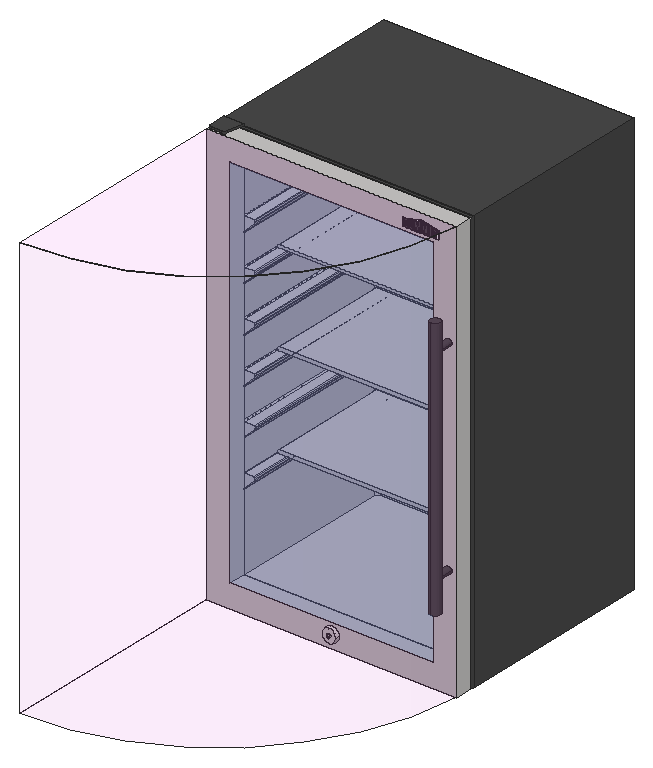
Revit family "Qf_Summit_SPR488BOS_Shallow_Depth_Indoor_Outdoor_Beverage_Cooler", category Specialty Equipment, Revit 2020
Family settings
  Round Connector Dimension = Use Diameter
  Part Type = Normal
  Work Plane-Based = No
  Always vertical = Yes
  Cut with Voids When Loaded = No
  Shared = No
  Room Calculation Point = No
Parameters
  Weight in Pounds = 70
  Watts = if(Phase = 3, Volts * FL Amps * 1.73, Volts * FL Amps)  # 149.5 W
  Volts = 115 V
  URL Cutsheet = ""
  Specification by User = ""
  Specification by Manufacturer = ""
  Show Left Hinged Door [instance] = yes
  Right Hinged Door [instance] = not(Show Left Hinged Door)  # no
  Serial Number = ""
  Seismic Rating = ""
  SMACNA No = ""
  Revision Code = ""
  Refrigerant Volume = 0.00 kip
  Refrigerant Type = "R600a"
  Phase = 1
  Number of Poles = 1
  NAFEM Spec ID Number = ""
  Model = "SPR488BOS"
  Min Ckt Ampacity = 0 A
  Max Overcurrent Protection = 0 A
  Masterspec = ""
  Manufacturer = "Summit"
  Length = 19"
  Item Number = ""
  Installed By = ""
  Identify Quantity as Lot = yes
  Height = 33"
  HP = ""
  Furnished By = ""
  Foodservice Equipment Identifier = yes
  FL Amps = 1.3 A
  Electrical Remarks = ""
  Electric Connection Type = ""
  Elec Conn RI Height = 0"
  Elec Conn Connection Height = 0"
  Description = "Shallow Depth Indoor/Outdoor Beverage Cooler"
  Depth = 17"
  Default Elevation = 0"
  Cycle = 60 Hz
  Conn Plug = ""
  Conn Conduit = yes
  CSI MasterFormat = ""
  Apparent Power = if(Phase = 3, Volts * FL Amps * 1.73, Volts * FL Amps)  # 149.5 VA
Reference planes (in)
  plane 1: z = 0
  plane 2 "LEFT": x = 0
  plane 3 "RIGHT": x = 19
  plane 4 "FRONT": y = -17.75
  plane 5 "TOP": z = 33
  plane 6 "Center Y": x = 9.5
  plane 7 "Center X": y = -9.25
  plane 8 "BACK": y = -0.75
  plane 9: y = -19.375
  plane 10: y = -16.125
  plane 11: y = -16.41209
  plane 12: z = 0.75
  plane 13: y = -0.9375
  plane 14: y = -35.49996
  plane 15: z = 32.875
  plane 16: z = 1.5
Forms (in)
  Extrusion 1, solid, material "QF_Metal_Stainless_Polished"
    sketch origin (22.25, -2.96287, 24.25) x (0, 1, 0) y (-1, 0, 0)
      loop
        line (2.02537, 22.25) -> (-13.16213, 22.25) -> (-13.16213, 3.25) -> (2.02537, 3.25) -> (2.02537, 22.25)
    from -23.5 to 8.625
  Extrusion 2, solid, material "QF_Plastic - Black - Matte"
    sketch origin (22.25, -2.96287, 24.25) x (0, 1, 0) y (-1, 0, 0)
      loop
        line (-13.16213, 22.25) -> (-13.44922, 22.25) -> (-13.44922, 3.25) -> (-13.16213, 3.25) -> (-13.16213, 22.25)
    from -23.5 to 8.625
  Extrusion 3, solid, material "QF_Plastic - Black - Matte", visible <- "Right Hinged Door"
    sketch origin (22.25, -2.96287, 24.25) x (0, 1, 0) y (-1, 0, 0)
      loop
        line (-13.16213, 4.75) -> (-14.45256, 4.53435)
        arc (-14.45256, 4.53435) -> (-14.60267, 4.44949) -> (-14.66213, 4.28764) r 0.25
        line (-14.66213, 4.28764) -> (-14.66213, 3.5)
        arc (-14.66213, 3.5) -> (-14.58891, 3.32322) -> (-14.41213, 3.25) r 0.25
        line (-14.41213, 3.25) -> (-13.16213, 3.25) -> (-13.16213, 4.75)
    from 8.625 to 8.75
  Extrusion 4, solid
    sketch origin (22.25, -2.96287, 24.25) x (0, 1, 0) y (-1, 0, 0)
      loop
        line (2.02537, 3.375) -> (2.11287, 3.375)
        arc (2.11287, 3.375) -> (2.18358, 3.40429) -> (2.21287, 3.475) r 0.1
        line (2.21287, 3.475) -> (2.21287, 21.9)
        arc (2.21287, 21.9) -> (2.18358, 21.97071) -> (2.11287, 22) r 0.1
        line (2.11287, 22) -> (2.02537, 22) -> (2.02537, 3.375)
    from -21.75 to 8.30954
  Extrusion 5, void
    sketch origin (22.25, -2.96287, 24.25) x (0, 1, 0) y (-1, 0, 0)
      loop
        line (-13.44922, 4.75) -> (-0.79805, 4.75)
        arc (-0.79805, 4.75) -> (-0.62127, 4.82322) -> (-0.54805, 5) r 0.25
        line (-0.54805, 5) -> (-0.54805, 20.5)
        arc (-0.54805, 20.5) -> (-0.62127, 20.67678) -> (-0.79805, 20.75) r 0.25
        line (-0.79805, 20.75) -> (-13.44922, 20.75) -> (-13.44922, 4.75)
    from -22 to 7
  Extrusion 6, solid, material "QF_Metal_Stainless_Polished"
    sketch origin (-74.8943, -16.41209, 32) x (1, 0, 0) y (0, 0, 1)
      loop
        line (74.8943, 0.875) -> (74.8943, -31.25) -> (93.8943, -31.25) -> (93.8943, 0.875) -> (74.8943, 0.875)
      loop
        line (76.6443, -0.75) -> (76.6443, -29.5) -> (92.1443, -29.5) -> (92.1443, -0.75) -> (76.6443, -0.75)
    from 0 to 1.33791
  Extrusion 7, solid, material "Glass"
    sketch origin (-74.8943, -16.41209, 32) x (1, 0, 0) y (0, 0, 1)
      loop
        line (76.6443, -29.5) -> (92.1443, -29.5) -> (92.1443, -0.75) -> (76.6443, -0.75) -> (76.6443, -29.5)
    from 0 to 1.33791
  Extrusion 8, solid, material "QF_Plastic - Black - Matte", visible <- "Right Hinged Door"
    sketch origin (22.24917, -2.96287, 24.5) x (0, 1, 0) y (-1, 0, 0)
      loop
        circle (-16.03713, 21.625) r 0.375
    from -17.625 to 2.25
  Extrusion 9, solid, material "QF_Plastic - Black - Matte", visible <- "Right Hinged Door"
    sketch origin (0.06167, -20.49491, 32.25) x (1, 0, 0) y (0, 0, 1)
      loop
        circle (0.56167, -7.5) r 0.25
      loop
        circle (0.56167, -23) r 0.25
    from -1.55741 to -2.74491
  Blend 10, solid, material "QF_Metal_Stainless_Polished"
    base sketch origin (-74.8943, -17.75, 32.25) x (1, 0, 0) y (0, 0, 1)
      loop
        circle (84.3943, -30.5) r 0.5625
    top sketch origin (-74.8943, -17.75, 32.25) x (1, 0, 0) y (0, 0, 1)
      loop
        circle (84.3943, -30.5) r 0.5
    from 0 to 0.25369
  Extrusion 11, void
    sketch origin (-74.8943, -18.00369, 32.25) x (-1, 0, 0) y (0, 0, 1)
      loop
        circle (-84.3943, -30.5) r 0.1875
      loop
        circle (-84.3943, -30.5) r 0.0625
    from 0 to 0.25369
  Extrusion 12, solid, material "QF_Metal_Stainless_Polished"
    sketch origin (-74.8943, -18.00369, 32.25) x (1, 0, 0) y (0, 0, 1)
      loop
        arc (91.51513, -9.18489) -> (91.52465, -9.23273) -> (91.55174, -9.27328) r 0.125
        line (91.55174, -9.27328) -> (92.35352, -10.07506)
        arc (92.35352, -10.07506) -> (92.38062, -10.11561) -> (92.39013, -10.16344) r 0.125
        line (92.39013, -10.16344) -> (92.39013, -8.9375)
        arc (92.39013, -8.9375) -> (92.37182, -8.98169) -> (92.32763, -9) r 0.0625
        line (92.32763, -9) -> (91.57763, -9)
        arc (91.57763, -9) -> (91.53344, -9.01831) -> (91.51513, -9.0625) r 0.0625
        line (91.51513, -9.0625) -> (91.51513, -9.18489)
      loop
        arc (91.51096, -12.68489) -> (91.52048, -12.73273) -> (91.54758, -12.77328) r 0.125
        line (91.54758, -12.77328) -> (92.34935, -13.57506)
        arc (92.34935, -13.57506) -> (92.37645, -13.61561) -> (92.38596, -13.66344) r 0.125
        line (92.38596, -13.66344) -> (92.38596, -12.4375)
        arc (92.38596, -12.4375) -> (92.36766, -12.48169) -> (92.32346, -12.5) r 0.0625
        line (92.32346, -12.5) -> (91.57346, -12.5)
        arc (91.57346, -12.5) -> (91.52927, -12.51831) -> (91.51096, -12.5625) r 0.0625
        line (91.51096, -12.5625) -> (91.51096, -12.68489)
      loop
        arc (91.51096, -16.18489) -> (91.52048, -16.23273) -> (91.54758, -16.27328) r 0.125
        line (91.54758, -16.27328) -> (92.34935, -17.07506)
        arc (92.34935, -17.07506) -> (92.37645, -17.11561) -> (92.38596, -17.16344) r 0.125
        line (92.38596, -17.16344) -> (92.38596, -15.9375)
        arc (92.38596, -15.9375) -> (92.36766, -15.98169) -> (92.32346, -16) r 0.0625
        line (92.32346, -16) -> (91.57346, -16)
        arc (91.57346, -16) -> (91.52927, -16.01831) -> (91.51096, -16.0625) r 0.0625
        line (91.51096, -16.0625) -> (91.51096, -16.18489)
      loop
        arc (91.5068, -19.68489) -> (91.51631, -19.73273) -> (91.54341, -19.77328) r 0.125
        line (91.54341, -19.77328) -> (92.34519, -20.57506)
        arc (92.34519, -20.57506) -> (92.37228, -20.61561) -> (92.3818, -20.66344) r 0.125
        line (92.3818, -20.66344) -> (92.3818, -19.4375)
        arc (92.3818, -19.4375) -> (92.36349, -19.48169) -> (92.3193, -19.5) r 0.0625
        line (92.3193, -19.5) -> (91.5693, -19.5)
        arc (91.5693, -19.5) -> (91.5251, -19.51831) -> (91.5068, -19.5625) r 0.0625
        line (91.5068, -19.5625) -> (91.5068, -19.68489)
      loop
        arc (91.52324, -23.18489) -> (91.53275, -23.23273) -> (91.55985, -23.27328) r 0.125
        line (91.55985, -23.27328) -> (92.36162, -24.07506)
        arc (92.36162, -24.07506) -> (92.38872, -24.11561) -> (92.39824, -24.16344) r 0.125
        line (92.39824, -24.16344) -> (92.39824, -22.9375)
        arc (92.39824, -22.9375) -> (92.37993, -22.98169) -> (92.33574, -23) r 0.0625
        line (92.33574, -23) -> (91.58574, -23)
        arc (91.58574, -23) -> (91.54154, -23.01831) -> (91.52324, -23.0625) r 0.0625
        line (91.52324, -23.0625) -> (91.52324, -23.18489)
      loop
        arc (91.51513, -5.68489) -> (91.52465, -5.73273) -> (91.55174, -5.77328) r 0.125
        line (91.55174, -5.77328) -> (92.35352, -6.57506)
        arc (92.35352, -6.57506) -> (92.38062, -6.61561) -> (92.39013, -6.66344) r 0.125
        line (92.39013, -6.66344) -> (92.39013, -5.4375)
        arc (92.39013, -5.4375) -> (92.37182, -5.48169) -> (92.32763, -5.5) r 0.0625
        line (92.32763, -5.5) -> (91.57763, -5.5)
        arc (91.57763, -5.5) -> (91.53344, -5.51831) -> (91.51513, -5.5625) r 0.0625
        line (91.51513, -5.5625) -> (91.51513, -5.68489)
      loop
        line (77.27346, -9.18489) -> (77.27346, -9.0625)
        arc (77.27346, -9.0625) -> (77.25516, -9.01831) -> (77.21096, -9) r 0.0625
        line (77.21096, -9) -> (76.46096, -9)
        arc (76.46096, -9) -> (76.41677, -8.98169) -> (76.39846, -8.9375) r 0.0625
        line (76.39846, -8.9375) -> (76.39846, -10.16344)
        arc (76.39846, -10.16344) -> (76.40798, -10.11561) -> (76.43508, -10.07506) r 0.125
        line (76.43508, -10.07506) -> (77.23685, -9.27328)
        arc (77.23685, -9.27328) -> (77.26395, -9.23273) -> (77.27346, -9.18489) r 0.125
      loop
        line (77.27763, -12.68489) -> (77.27763, -12.5625)
        arc (77.27763, -12.5625) -> (77.25932, -12.51831) -> (77.21513, -12.5) r 0.0625
        line (77.21513, -12.5) -> (76.46513, -12.5)
        arc (76.46513, -12.5) -> (76.42094, -12.48169) -> (76.40263, -12.4375) r 0.0625
        line (76.40263, -12.4375) -> (76.40263, -13.66344)
        arc (76.40263, -13.66344) -> (76.41215, -13.61561) -> (76.43924, -13.57506) r 0.125
        line (76.43924, -13.57506) -> (77.24102, -12.77328)
        arc (77.24102, -12.77328) -> (77.26812, -12.73273) -> (77.27763, -12.68489) r 0.125
      loop
        line (77.27763, -16.18489) -> (77.27763, -16.0625)
        arc (77.27763, -16.0625) -> (77.25932, -16.01831) -> (77.21513, -16) r 0.0625
        line (77.21513, -16) -> (76.46513, -16)
        arc (76.46513, -16) -> (76.42094, -15.98169) -> (76.40263, -15.9375) r 0.0625
        line (76.40263, -15.9375) -> (76.40263, -17.16344)
        arc (76.40263, -17.16344) -> (76.41215, -17.11561) -> (76.43924, -17.07506) r 0.125
        line (76.43924, -17.07506) -> (77.24102, -16.27328)
        arc (77.24102, -16.27328) -> (77.26812, -16.23273) -> (77.27763, -16.18489) r 0.125
      loop
        line (77.2818, -19.68489) -> (77.2818, -19.5625)
        arc (77.2818, -19.5625) -> (77.26349, -19.51831) -> (77.2193, -19.5) r 0.0625
        line (77.2193, -19.5) -> (76.4693, -19.5)
        arc (76.4693, -19.5) -> (76.4251, -19.48169) -> (76.4068, -19.4375) r 0.0625
        line (76.4068, -19.4375) -> (76.4068, -20.66344)
        arc (76.4068, -20.66344) -> (76.41631, -20.61561) -> (76.44341, -20.57506) r 0.125
        line (76.44341, -20.57506) -> (77.24519, -19.77328)
        arc (77.24519, -19.77328) -> (77.27228, -19.73273) -> (77.2818, -19.68489) r 0.125
      loop
        line (77.26536, -23.18489) -> (77.26536, -23.0625)
        arc (77.26536, -23.0625) -> (77.24705, -23.01831) -> (77.20286, -23) r 0.0625
        line (77.20286, -23) -> (76.45286, -23)
        arc (76.45286, -23) -> (76.40866, -22.98169) -> (76.39036, -22.9375) r 0.0625
        line (76.39036, -22.9375) -> (76.39036, -24.16344)
        arc (76.39036, -24.16344) -> (76.39987, -24.11561) -> (76.42697, -24.07506) r 0.125
        line (76.42697, -24.07506) -> (77.22875, -23.27328)
        arc (77.22875, -23.27328) -> (77.25584, -23.23273) -> (77.26536, -23.18489) r 0.125
      loop
        line (77.27346, -5.68489) -> (77.27346, -5.5625)
        arc (77.27346, -5.5625) -> (77.25516, -5.51831) -> (77.21096, -5.5) r 0.0625
        line (77.21096, -5.5) -> (76.46096, -5.5)
        arc (76.46096, -5.5) -> (76.41677, -5.48169) -> (76.39846, -5.4375) r 0.0625
        line (76.39846, -5.4375) -> (76.39846, -6.66344)
        arc (76.39846, -6.66344) -> (76.40798, -6.61561) -> (76.43508, -6.57506) r 0.125
        line (76.43508, -6.57506) -> (77.23685, -5.77328)
        arc (77.23685, -5.77328) -> (77.26395, -5.73273) -> (77.27346, -5.68489) r 0.125
    from -1.87869 to -14.50063
  Extrusion 13, solid
    sketch origin (23.88, 0, 0) x (0, 1, 0) y (0, 0, 1)
      loop
        line (-12.25, 30.25) -> (-7.10545, 29) -> (-3.50306, 29) -> (-3.50306, 31.25) -> (-12.25, 31.25) -> (-12.25, 30.25)
    from -19.63 to -9.13
  Revolve 14, solid, material "QF_Plastic - Black - Matte"
    sketch origin (93.8943, -14.85392, 32) x (-1, 0, 0) y (0, 0, -1)
      loop
        line (76.6443, 31.4375) -> (77.0193, 31.4375) -> (77.0193, 31.49948) -> (76.9568, 32) -> (76.4568, 32) -> (76.4568, 31.25) -> (76.6443, 31.25) -> (76.6443, 31.4375)
      axis (76.4568, 32) -> (76.4568, 31.25)
    angle from 0 to 360
  Revolve 15, solid, material "QF_Plastic - Black - Matte"
    sketch origin (93.8943, -2.04142, 32) x (-1, 0, 0) y (0, 0, -1)
      loop
        line (76.6443, 31.4375) -> (77.0193, 31.4375) -> (77.0193, 31.50081) -> (76.9568, 32) -> (76.4568, 32) -> (76.4568, 31.25) -> (76.6443, 31.25) -> (76.6443, 31.4375)
      axis (76.4568, 32) -> (76.4568, 31.25)
    angle from 0 to 360
  Extrusion 16, solid, material "QF_Metal_Stainless_Polished"
    sketch origin (-0.00209, -0.75, 0.00119) x (1, 0, 0) y (0, 0, 1)
      loop
        circle (16, 1.66109) r 0.25
    from 0.1875 to 0
  Extrusion 17, solid, material "QF_Clearances_Door_Drawer", visible <- "Right Hinged Door"
    sketch origin (0, 0, 0) x (1, 0, 0) y (0, 1, 0)
      loop
        arc (0.00402, -17.75) -> (5.99085, -30.38262) -> (19, -35.49996) r 19
        line (19, -35.49996) -> (19, -17.75) -> (0.00402, -17.75)
    from 0.75 to 32.875
  Revolve 18, solid, material "QF_Plastic - Black - Matte"
    sketch origin (-74.8943, -14.85392, 32) x (1, 0, 0) y (0, 0, 1)
      loop
        line (76.6443, -31.4375) -> (76.6443, -31.25) -> (76.4568, -31.25) -> (76.4568, -32) -> (76.9568, -32) -> (77.0193, -31.49948) -> (77.0193, -31.4375) -> (76.6443, -31.4375)
      axis (76.4568, -32) -> (76.4568, -31.25)
    angle from 0 to 360
  Revolve 19, solid, material "QF_Plastic - Black - Matte"
    sketch origin (-74.8943, -2.04142, 32) x (1, 0, 0) y (0, 0, 1)
      loop
        line (76.6443, -31.4375) -> (76.6443, -31.25) -> (76.4568, -31.25) -> (76.4568, -32) -> (76.9568, -32) -> (77.0193, -31.50081) -> (77.0193, -31.4375) -> (76.6443, -31.4375)
      axis (76.4568, -32) -> (76.4568, -31.25)
    angle from 0 to 360
  Extrusion 20, solid, material "QF_Metal_Stainless_Polished"
    sketch origin (0, -0.75, 0) x (1, 0, 0) y (0, 0, 1)
      loop
        arc (1.7482, 16.5) -> (1.6232, 16.375) -> (1.7482, 16.25) r 0.125
        line (1.7482, 16.25) -> (17.2554, 16.25)
        arc (17.2554, 16.25) -> (17.3804, 16.375) -> (17.2554, 16.5) r 0.125
        line (17.2554, 16.5) -> (1.7482, 16.5)
      loop
        arc (1.7464, 9.5) -> (1.6214, 9.375) -> (1.7464, 9.25) r 0.125
        line (1.7464, 9.25) -> (17.2536, 9.25)
        arc (17.2536, 9.25) -> (17.3786, 9.375) -> (17.2536, 9.5) r 0.125
        line (17.2536, 9.5) -> (1.7464, 9.5)
      loop
        arc (1.7482, 23.5) -> (1.6232, 23.375) -> (1.7482, 23.25) r 0.125
        line (1.7482, 23.25) -> (17.2554, 23.25)
        arc (17.2554, 23.25) -> (17.3804, 23.375) -> (17.2554, 23.5) r 0.125
        line (17.2554, 23.5) -> (1.7482, 23.5)
    from 2.98305 to 12.24611
  Revolve 21, solid, material "QF_Plastic - Black - Matte"
    sketch origin (0, -14.8125, 0) x (1, 0, 0) y (0, 0, 1)
      loop
        line (3.125, 0.25) -> (3.125, 0.75) -> (2.5, 0.75) -> (2.5, 0.25)
        arc (2.5, 0.25) -> (2.53299, 0.11025) -> (2.625, 0) r 0.3125
        line (2.625, 0) -> (2.8125, 0) -> (3, 0)
        arc (3, 0) -> (3.09201, 0.11025) -> (3.125, 0.25) r 0.3125
      axis (2.5, 0.75) -> (3.125, 0.75)
    angle from 0 to 360
  Revolve 22, solid, material "QF_Plastic - Black - Matte"
    sketch origin (19, -14.8125, 0) x (-1, 0, 0) y (0, 0, 1)
      loop
        line (3.125, 0.25) -> (3.125, 0.75) -> (2.5, 0.75) -> (2.5, 0.25)
        arc (2.5, 0.25) -> (2.53299, 0.11025) -> (2.625, 0) r 0.3125
        line (2.625, 0) -> (2.8125, 0) -> (3, 0)
        arc (3, 0) -> (3.09201, 0.11025) -> (3.125, 0.25) r 0.3125
      axis (2.5, 0.75) -> (3.125, 0.75)
    angle from 0 to 360
  Revolve 23, solid, material "QF_Plastic - Black - Matte"
    sketch origin (0, -2.0625, 0) x (1, 0, 0) y (0, 0, -1)
      loop
        arc (3.125, -0.25) -> (3.09201, -0.11025) -> (3, 0) r 0.3125
        line (3, 0) -> (2.8125, 0) -> (2.625, 0)
        arc (2.625, 0) -> (2.53299, -0.11025) -> (2.5, -0.25) r 0.3125
        line (2.5, -0.25) -> (2.5, -0.75) -> (3.125, -0.75) -> (3.125, -0.25)
      axis (2.5, -0.75) -> (3.125, -0.75)
    angle from 0 to 360
  Revolve 24, solid, material "QF_Plastic - Black - Matte"
    sketch origin (19, -2.0625, 0) x (-1, 0, 0) y (0, 0, 1)
      loop
        line (3.125, 0.25) -> (3.125, 0.75) -> (2.5, 0.75) -> (2.5, 0.25)
        arc (2.5, 0.25) -> (2.53299, 0.11025) -> (2.625, 0) r 0.3125
        line (2.625, 0) -> (2.8125, 0) -> (3, 0)
        arc (3, 0) -> (3.09201, 0.11025) -> (3.125, 0.25) r 0.3125
      axis (2.5, 0.75) -> (3.125, 0.75)
    angle from 0 to 360
  Extrusion 25, solid, material "QF_Plastic - Black - Matte", visible <- "Show Left Hinged Door"
    sketch origin (-3.25, -2.96287, 24.25) x (0, 1, 0) y (-1, 0, 0)
      loop
        line (-13.16213, -4.75) -> (-13.16213, -3.25) -> (-14.41213, -3.25)
        arc (-14.41213, -3.25) -> (-14.58891, -3.32322) -> (-14.66213, -3.5) r 0.25
        line (-14.66213, -3.5) -> (-14.66213, -4.28764)
        arc (-14.66213, -4.28764) -> (-14.60267, -4.44949) -> (-14.45256, -4.53435) r 0.25
        line (-14.45256, -4.53435) -> (-13.16213, -4.75)
    from 8.625 to 8.75
  Extrusion 26, solid, material "QF_Plastic - Black - Matte", visible <- "Show Left Hinged Door"
    sketch origin (-3.24917, -2.96287, 24.5) x (0, 1, 0) y (-1, 0, 0)
      loop
        circle (-16.03713, -21.625) r 0.375
    from -17.625 to 2.25
  Extrusion 27, solid, material "QF_Plastic - Black - Matte", visible <- "Show Left Hinged Door"
    sketch origin (18.93833, -20.49491, 32.25) x (-1, 0, 0) y (0, 0, -1)
      loop
        circle (0.56167, 7.5) r 0.25
      loop
        circle (0.56167, 23) r 0.25
    from -1.55741 to -2.74491
  Extrusion 28, solid, material "QF_Clearances_Door_Drawer", visible <- "Show Left Hinged Door"
    sketch origin (19, 0, 0) x (-1, 0, 0) y (0, -1, 0)
      loop
        line (0.00402, 17.75) -> (19, 17.75) -> (19, 35.49996)
        arc (19, 35.49996) -> (5.99085, 30.38262) -> (0.00402, 17.75) r 19
    from 0.75 to 32.875
Cuts and joins
  Extrusion 5 cuts Extrusion 1
  Extrusion 5 cuts Extrusion 2
  Extrusion 5 cuts Extrusion 6
  Extrusion 5 cuts Extrusion 7
  Extrusion 11 cuts Blend 10
  Extrusion 11 cuts Extrusion 17
Lines and regions (in)
  symbolic lines, style "QF_Clearances_Door_Drawer", visible <- "Right Hinged Door"
    curve 1: line (17.5, -16.125, 0) -> (17.71565, -17.41543, 0)
    curve 2: arc (17.71565, -17.41543, 0) -> (17.80051, -17.56554, 0) -> (17.96236, -17.625, 0) r 0.25
    curve 3: line (17.96236, -17.625, 0) -> (18.75, -17.625, 0)
    curve 4: arc (18.75, -17.625, 0) -> (18.92678, -17.55178, 0) -> (19, -17.375, 0) r 0.25
    curve 23: arc (0, -17.75, 0) -> (0.94083, -22.54672, 0) -> (3.07455, -26.94456, 0) r 18.9963
    curve 24: line (3.07455, -26.94456, 0) -> (19, -17.75, 0)
  symbolic lines, style "QF_Clearances_Door_Drawer"
    curve 5: line (19, -17.375, 0) -> (19, -16.125, 0)
    curve 6: line (19, -16.125, 0) -> (17.5, -16.125, 0)
  symbolic lines, style "SpecialityEquipment"
    curve 7: arc (0.35, -0.75, 0) -> (0.27929, -0.77929, 0) -> (0.25, -0.85, 0) r 0.1
    curve 8: line (0.25, -0.85, 0) -> (0.25, -0.9375, 0)
    curve 9: line (18.875, -0.9375, 0) -> (18.875, -0.85, 0)
    curve 10: arc (18.875, -0.85, 0) -> (18.84571, -0.77929, 0) -> (18.775, -0.75, 0) r 0.1
    curve 11: line (18.775, -0.75, 0) -> (0.35, -0.75, 0)
    curve 12: line (0, -0.9375, 0) -> (0, -16.41209, 0)
    curve 13: line (0, -16.125, 0) -> (19, -16.125, 0)
    curve 14: line (19, -16.125, 0) -> (19, -0.9375, 0)
    curve 15: line (19, -0.9375, 0) -> (0, -0.9375, 0)
  symbolic lines
    curve 16: line (0, -16.41209, 0) -> (0, -17.75, 0)
    curve 17: line (0, -17.75, 0) -> (19, -17.75, 0)
    curve 18: line (19, -17.75, 0) -> (19, -16.41209, 0)
    curve 19: line (17.54798, -16.41209, 0) -> (1.45202, -16.41209, 0)
  symbolic lines, visible <- "Right Hinged Door"
    curve 20: circle (0.625, -19, 0) r 0.375 normal (0, 0, 1)
    curve 21: line (0.8734, -17.75, 0) -> (0.8734, -18.71907, 0)
    curve 22: line (0.37399, -17.75, 0) -> (0.37399, -18.7214, 0)
    curve 34: line (1.45202, -16.41209, 0) -> (0, -16.41209, 0)
  symbolic lines, style "QF_Clearances_Door_Drawer", visible <- "Show Left Hinged Door"
    curve 25: line (1.5, -16.125, 0) -> (1.28435, -17.41543, 0)
    curve 26: arc (1.28435, -17.41543, 0) -> (1.19949, -17.56554, 0) -> (1.03764, -17.625, 0) r 0.25
    curve 27: line (1.03764, -17.625, 0) -> (0.25, -17.625, 0)
    curve 28: arc (0.25, -17.625, 0) -> (0.07322, -17.55178, 0) -> (0, -17.375, 0) r 0.25
    curve 32: arc (19, -17.75, 0) -> (18.05917, -22.54672, 0) -> (15.92545, -26.94456, 0) r 18.9963
    curve 33: line (15.92545, -26.94456, 0) -> (0, -17.75, 0)
  symbolic lines, visible <- "Show Left Hinged Door"
    curve 29: circle (18.375, -19, 0) r 0.375 normal (0, 0, -1)
    curve 30: line (18.1266, -17.75, 0) -> (18.1266, -18.71907, 0)
    curve 31: line (18.62601, -17.75, 0) -> (18.62601, -18.7214, 0)
    curve 35: line (17.54798, -16.41209, 0) -> (19, -16.41209, 0)
Dimensions and locks (in)
  equal spacing: plane 2 "LEFT", plane 6 "Center Y", plane 3 "RIGHT"
  "Length": plane 2 "LEFT" to plane 3 "RIGHT"
  equal spacing: plane 4 "FRONT", plane 7 "Center X", plane 8 "BACK"
  "Height": plane 5 "TOP" to level
  plane 3 "RIGHT" to plane 2 "LEFT" = 19"
  plane 5 "TOP" to level = 33"  (x2)
  "Depth": plane 4 "FRONT" to plane 8 "BACK"
  plane 12 to level = 3/4"
  plane 14 to plane 8 "BACK" = 34.74996"
  plane 10 to plane 8 "BACK" = 15 3/8"
  plane 9 to plane 4 "FRONT" = 1 5/8"
  Extrusion 8 to Extrusion 8 = 19 7/8"
  aligned and locked: level to plane 1
Automatic sketch dimensions
  Extrusion 1 sketch curve to plane 2 "LEFT" = 0"
  plane 10 to Extrusion 1 sketch curve = 0"
  plane 13 to Extrusion 1 sketch curve = 0"
  Extrusion 1 sketch curve to plane 3 "RIGHT" = 0"
  Extrusion 2 sketch curve to plane 2 "LEFT" = 0"
  plane 11 to Extrusion 2 sketch curve = 0"
  plane 10 to Extrusion 2 sketch curve = 0"
  Extrusion 2 sketch curve to plane 3 "RIGHT" = 0"
  Extrusion 3 sketch curve to plane 3 "RIGHT" = 0"
  plane 10 to Extrusion 3 sketch curve = 0"
  Extrusion 3 sketch curve to plane 4 "FRONT" = 3/8"  (x2)
  Extrusion 3 sketch curve to Extrusion 3 sketch curve = 0.04043"
  Extrusion 3 sketch curve to plane 4 "FRONT" = 1/8"
  Extrusion 3 sketch curve to Extrusion 3 sketch curve = 0.78764"
  Extrusion 3 sketch curve to Extrusion 3 sketch curve = 0.21565"
  plane 13 to Extrusion 4 sketch curve = 0"
  plane 8 "BACK" to Extrusion 4 sketch curve = 0"
  Extrusion 4 sketch curve to Extrusion 4 sketch curve = 0.0875"  (x2)
  plane 3 "RIGHT" to Extrusion 4 sketch curve = 1/8"
  plane 2 "LEFT" to Extrusion 4 sketch curve = 0.35"
  plane 11 to Extrusion 5 sketch curve = 0"
  plane 13 to Extrusion 5 sketch curve = 2.82342"  (x2)
  Extrusion 5 sketch curve to Extrusion 5 sketch curve = 1/4"
  plane 3 "RIGHT" to Extrusion 5 sketch curve = 1 1/2"
  plane 2 "LEFT" to Extrusion 5 sketch curve = 1 3/4"
  Extrusion 6 sketch curve to plane 2 "LEFT" = 0"
  plane 3 "RIGHT" to Extrusion 6 sketch curve = 0"
  Extrusion 6 sketch curve to plane 12 = 0"
  Extrusion 6 sketch curve to plane 15 = 0"
  plane 2 "LEFT" to Extrusion 6 sketch curve = 1 3/4"
  plane 3 "RIGHT" to Extrusion 6 sketch curve = 1 3/4"
  plane 16 to Extrusion 6 sketch curve = 1"
  Extrusion 6 sketch curve to plane 15 = 1 5/8"
  plane 2 "LEFT" to Extrusion 7 sketch curve = 1 3/4"
  plane 3 "RIGHT" to Extrusion 7 sketch curve = 1 3/4"
  plane 16 to Extrusion 7 sketch curve = 1"
  Extrusion 7 sketch curve to plane 15 = 1 5/8"
  Extrusion 8 sketch curve to plane 9 = 3/8"
  plane 2 "LEFT" to Extrusion 8 sketch curve = 0.62417"
  plane 2 "LEFT" to Extrusion 9 sketch curve = 0.62335"  (x2)
  plane 16 to Extrusion 9 sketch curve = 7 3/4"
  Extrusion 9 sketch curve to plane 15 = 8 1/8"
  Blend 10 sketch curve to Extrusion 6 = 3/4"  (x2)
  Extrusion 6 to Blend 10 sketch curve = 7 3/4"  (x2)
  Extrusion 12 sketch curve to Extrusion 12 sketch curve = 0.00811"
  Extrusion 12 sketch curve to Extrusion 12 sketch curve = 0"  (x16)
  Extrusion 12 sketch curve to Extrusion 12 sketch curve = 0.00417"  (x4)
  Extrusion 12 sketch curve to Extrusion 12 sketch curve = 0.01644"  (x2)
  Extrusion 12 sketch curve to Extrusion 12 sketch curve = 0.03661"  (x14)
  Extrusion 12 sketch curve to Extrusion 12 sketch curve = 1/16"  (x28)
  Extrusion 12 sketch curve to Extrusion 12 sketch curve = 1/8"  (x9)
  Extrusion 12 sketch curve to Extrusion 12 sketch curve = 0.08839"  (x15)
  Extrusion 12 sketch curve to Extrusion 12 sketch curve = 11/16"  (x12)
  Extrusion 12 sketch curve to Extrusion 12 sketch curve = 14.225"
  Extrusion 12 sketch curve to Extrusion 12 sketch curve = 0.71339"  (x6)
  Extrusion 12 sketch curve to Extrusion 12 sketch curve = 0.80178"  (x12)
  Extrusion 12 sketch curve to Extrusion 12 sketch curve = 0.12239"  (x12)
  Extrusion 12 sketch curve to Extrusion 12 sketch curve = 2.27406"  (x10)
  Extrusion 13 sketch curve to plane 7 "Center X" = 3"
  plane 7 "Center X" to Extrusion 13 sketch curve = 2.14455"
  plane 13 to Extrusion 13 sketch curve = 2.56556"
  Extrusion 13 sketch curve to plane 15 = 3 7/8"
  Extrusion 13 sketch curve to plane 15 = 2 5/8"
  Extrusion 13 sketch curve to Extrusion 13 sketch curve = 1"
  Revolve 14 sketch curve to level = 0"
  Revolve 14 sketch curve to plane 12 = 0"  (x2)
  plane 3 "RIGHT" to Revolve 14 sketch curve = 1 9/16"
  Revolve 14 sketch curve to Revolve 14 sketch curve = 3/16"
  Revolve 14 sketch curve to Revolve 14 sketch curve = 1/2"
  plane 12 to Revolve 14 sketch curve = 3/16"
  Revolve 14 sketch curve to Revolve 14 sketch curve = 3/8"
  Revolve 14 sketch curve to Revolve 14 sketch curve = 0.06198"
  Revolve 14 sketch curve to Revolve 14 sketch curve = 0"
  Revolve 14 sketch curve to Revolve 14 sketch curve = 1/4"
  Revolve 15 sketch curve to level = 0"
  Revolve 15 sketch curve to plane 12 = 0"  (x2)
  plane 3 "RIGHT" to Revolve 15 sketch curve = 1 9/16"
  Revolve 15 sketch curve to Revolve 15 sketch curve = 3/16"
  Revolve 15 sketch curve to Revolve 15 sketch curve = 1/2"
  plane 12 to Revolve 15 sketch curve = 3/16"
  Revolve 15 sketch curve to Revolve 15 sketch curve = 3/8"
  Revolve 15 sketch curve to Revolve 15 sketch curve = 0.06331"
  Revolve 15 sketch curve to Revolve 15 sketch curve = 0"
  Revolve 15 sketch curve to Revolve 15 sketch curve = 1/4"
  plane 16 to Extrusion 16 sketch curve = 0.16227"
  plane 3 "RIGHT" to Extrusion 16 sketch curve = 3.00209"
  plane 4 "FRONT" to Extrusion 17 sketch curve = 0"
  Extrusion 17 sketch curve to plane 3 "RIGHT" = 0"
  plane 14 to Extrusion 17 sketch curve = 0"
  plane 3 "RIGHT" to Extrusion 17 sketch curve = 0.03715"
  plane 2 "LEFT" to Extrusion 17 sketch curve = 0.00402"
  Revolve 18 sketch curve to level = 0"
  Revolve 18 sketch curve to plane 12 = 0"  (x2)
  plane 2 "LEFT" to Revolve 18 sketch curve = 1 9/16"
  Revolve 18 sketch curve to Revolve 18 sketch curve = 3/16"
  Revolve 18 sketch curve to Revolve 18 sketch curve = 1/2"
  plane 12 to Revolve 18 sketch curve = 3/16"
  Revolve 18 sketch curve to Revolve 18 sketch curve = 3/8"
  Revolve 18 sketch curve to Revolve 18 sketch curve = 0.06198"
  Revolve 18 sketch curve to Revolve 18 sketch curve = 0"
  Revolve 18 sketch curve to plane 12 = 1/4"
  Revolve 19 sketch curve to level = 0"
  Revolve 19 sketch curve to plane 12 = 0"  (x2)
  plane 2 "LEFT" to Revolve 19 sketch curve = 1 9/16"
  Revolve 19 sketch curve to Revolve 19 sketch curve = 3/16"
  Revolve 19 sketch curve to Revolve 19 sketch curve = 1/2"
  plane 12 to Revolve 19 sketch curve = 3/16"
  Revolve 19 sketch curve to Revolve 19 sketch curve = 3/8"
  Revolve 19 sketch curve to Revolve 19 sketch curve = 0.06331"
  Revolve 19 sketch curve to Revolve 19 sketch curve = 0"
  Revolve 19 sketch curve to plane 12 = 1/4"
  plane 2 "LEFT" to Extrusion 20 sketch curve = 1.7464"
  plane 2 "LEFT" to Extrusion 20 sketch curve = 1.7482"  (x2)
  plane 3 "RIGHT" to Extrusion 20 sketch curve = 1.7464"
  plane 3 "RIGHT" to Extrusion 20 sketch curve = 1.7446"  (x2)
  plane 16 to Extrusion 20 sketch curve = 7 3/4"
  Extrusion 20 sketch curve to Extrusion 20 sketch curve = 1/8"  (x3)
  Extrusion 20 sketch curve to Extrusion 20 sketch curve = 6 3/4"  (x2)
  Revolve 21 sketch curve to Revolve 21 sketch curve = 0"  (x4)
  Revolve 21 sketch curve to plane 12 = 0"  (x2)
  Revolve 21 sketch curve to level = 0"
  plane 2 "LEFT" to Revolve 21 sketch curve = 2 1/2"
  Revolve 21 sketch curve to Revolve 21 sketch curve = 1/8"
  Revolve 21 sketch curve to Revolve 21 sketch curve = 3/16"  (x2)
  Revolve 21 sketch curve to Revolve 21 sketch curve = 0.3638"
  Revolve 22 sketch curve to Revolve 22 sketch curve = 0"  (x4)
  Revolve 22 sketch curve to plane 12 = 0"  (x2)
  Revolve 22 sketch curve to level = 0"
  Revolve 22 sketch curve to plane 3 "RIGHT" = 2 1/2"
  Revolve 22 sketch curve to Revolve 22 sketch curve = 1/8"
  Revolve 22 sketch curve to Revolve 22 sketch curve = 3/16"  (x2)
  Revolve 22 sketch curve to Revolve 22 sketch curve = 0.3638"
  Revolve 23 sketch curve to Revolve 23 sketch curve = 0"  (x3)
  Revolve 23 sketch curve to plane 12 = 0"  (x2)
  Revolve 23 sketch curve to level = 0"
  plane 2 "LEFT" to Revolve 23 sketch curve = 2 1/2"
  Revolve 23 sketch curve to Revolve 23 sketch curve = 1/8"
  Revolve 23 sketch curve to Revolve 23 sketch curve = 3/16"  (x2)
  level to Revolve 23 sketch curve = 1/4"
  Revolve 23 sketch curve to Revolve 23 sketch curve = 0.3638"
  Revolve 24 sketch curve to Revolve 24 sketch curve = 0"  (x4)
  Revolve 24 sketch curve to plane 12 = 0"  (x2)
  Revolve 24 sketch curve to level = 0"
  plane 3 "RIGHT" to Revolve 24 sketch curve = 2 1/2"
  Revolve 24 sketch curve to Revolve 24 sketch curve = 1/8"
  Revolve 24 sketch curve to Revolve 24 sketch curve = 3/16"  (x2)
  Revolve 24 sketch curve to Revolve 24 sketch curve = 0.3638"
  Extrusion 25 sketch curve to plane 2 "LEFT" = 0"
  plane 10 to Extrusion 25 sketch curve = 0"
  Extrusion 25 sketch curve to plane 4 "FRONT" = 3/8"  (x2)
  Extrusion 25 sketch curve to Extrusion 25 sketch curve = 0.04043"
  Extrusion 25 sketch curve to plane 4 "FRONT" = 1/8"
  Extrusion 25 sketch curve to Extrusion 25 sketch curve = 0.78764"
  Extrusion 25 sketch curve to Extrusion 25 sketch curve = 0.21565"
  Extrusion 26 sketch curve to plane 9 = 3/8"
  plane 3 "RIGHT" to Extrusion 26 sketch curve = 0.62417"
  plane 3 "RIGHT" to Extrusion 27 sketch curve = 0.62335"  (x2)
  Extrusion 27 sketch curve to plane 15 = 8 1/8"
  plane 16 to Extrusion 27 sketch curve = 7 3/4"
  plane 4 "FRONT" to Extrusion 28 sketch curve = 0"
  Extrusion 28 sketch curve to plane 2 "LEFT" = 0"
  plane 14 to Extrusion 28 sketch curve = 0"
  plane 2 "LEFT" to Extrusion 28 sketch curve = 0.03715"
  plane 3 "RIGHT" to Extrusion 28 sketch curve = 0.00402"
  curve 15 to plane 2 "LEFT" = 0"
  plane 13 to curve 8 = 0"
  plane 8 "BACK" to curve 7 = 0"
  plane 4 "FRONT" to curve 22 = 0"
  plane 11 to curve 34 = 0"
  plane 11 to curve 19 = 0"
  plane 10 to curve 25 = 0"
  plane 11 to curve 35 = 0"
  curve 4 to plane 3 "RIGHT" = 0"
  curve 24 to plane 3 "RIGHT" = 0"
  plane 2 "LEFT" to curve 32 = 0.0434"
  plane 2 "LEFT" to curve 28 = 1/4"
  curve 8 to plane 13 = 0.0875"
  plane 2 "LEFT" to curve 8 = 1/4"
  plane 2 "LEFT" to curve 20 = 5/8"
  curve 26 to plane 4 "FRONT" = 3/8"
  curve 28 to curve 26 = 0.78764"
  curve 25 to plane 4 "FRONT" = 0.33457"
  curve 26 to curve 25 = 0.24671"
  plane 2 "LEFT" to curve 24 = 3.07455"
  plane 3 "RIGHT" to curve 33 = 3.07455"
  plane 3 "RIGHT" to curve 1 = 1 1/2"
  curve 1 to plane 4 "FRONT" = 0.33457"
  plane 3 "RIGHT" to curve 1 = 1.28435"
  curve 3 to plane 4 "FRONT" = 1/8"
  curve 2 to curve 3 = 0.24671"
  plane 3 "RIGHT" to curve 29 = 5/8"
  plane 3 "RIGHT" to curve 3 = 1/4"
  curve 10 to plane 13 = 0.0875"
  plane 3 "RIGHT" to curve 10 = 0.225"
  plane 3 "RIGHT" to curve 23 = 0.0434"
  curve 20 to plane 9 = 3/8"
  curve 29 to plane 9 = 3/8"
  curve 33 to curve 29 = 7.94456"
  curve 24 to curve 20 = 7.94456"
  curve 27 to curve 22 = 0.12399"
  curve 21 to curve 26 = 0.16424"
  curve 26 to curve 34 = 0.16768"
  curve 30 to curve 29 = 0.2484"
  plane 3 "RIGHT" to curve 31 = 0.37399"
  curve 29 to curve 30 = 0.28093"
  curve 20 to curve 21 = 0.28093"
  radius of Extrusion 8 sketch curve = 3/8"
  radius of Extrusion 9 sketch curve = 1/4"  (x2)
  radius of Blend 10 sketch curve = 9/16"
  radius of Blend 10 sketch curve = 1/2"
  radius of Extrusion 11 sketch curve to Blend 10 = 5/16"
  radius of Extrusion 11 sketch curve to Blend 10 = 7/16"
  radius of Extrusion 16 sketch curve = 1/4"
  radius of Extrusion 26 sketch curve = 3/8"
  radius of Extrusion 27 sketch curve = 1/4"  (x2)
Nested families (in)
  nested 1: "QF_LOGO_SUMMIT" at (14.9131, -17.75, 31.47323), type "QF_LOGO_SUMMIT"
    with Show Logo yes
Connectors (in)
  electrical at (15.99791, -0.75, 1.66227), driven by "Volts", driven by "Apparent Power"
    settings: on Extrusion 16, index 3, voltage 115 V, apparent load 149.5 VA, apparent load phase1 0 VA, apparent load phase2 0 VA, apparent load phase3 0 VA, power factor 1, load classification "Other", number of poles 1, system type 30, power factor state 1, is connector primary yes, connector utility no, sub classification motor no, connector description ""
Definition of nested family "QF_LOGO_SUMMIT"
  Parameters (values of type "QF_LOGO_SUMMIT")
    Show Logo [instance] = yes
    Default Elevation = 0"
  Reference planes (in)
    plane 1 "Center (Front/Back)": y = 0
    plane 2: z = 0
    plane 3 "Center (Left/Right)": x = 0
  Forms (in)
    Extrusion 1, solid
      sketch origin (-11.16229, 0.625, -2.89667) x (1, 0, 0) y (0, 0, -1)
        loop
          line (11.42994, -3.01418) -> (11.42994, -3.1272) -> (11.2411, -3.1272) -> (11.2411, -3.46588) -> (11.5557, -3.53511) -> (11.5557, -3.33796) -> (11.4464, -3.33796) -> (11.42954, -3.37014) -> (11.3826, -3.36968) -> (11.3826, -3.25665) -> (11.5557, -3.25665) -> (11.5557, -2.91649) -> (11.2411, -2.91649) -> (11.2411, -3.04589) -> (11.36614, -3.04589) -> (11.38301, -3.01371) -> (11.42994, -3.01418)
        loop
          line (11.6312, -2.91649) -> (11.6312, -3.55172) -> (11.76034, -3.58014) -> (11.76034, -3.0957) -> (11.82305, -3.0957) -> (11.82305, -3.59394) -> (11.94681, -3.62117) -> (11.94681, -2.91649) -> (11.6312, -2.91649)
        loop
          line (12.02817, -2.91649) -> (12.02817, -3.64248) -> (12.18309, -3.67657) -> (12.27983, -3.28924) -> (12.37442, -3.71867) -> (12.51596, -3.74982) -> (12.51596, -2.91649) -> (12.39003, -2.91649) -> (12.39003, -3.19156) -> (12.31104, -2.91649) -> (12.24769, -2.91649) -> (12.1698, -3.09521) -> (12.1698, -2.91649) -> (12.02817, -2.91649)
        loop
          line (12.59443, -2.91649) -> (12.59443, -3.75323) -> (12.75147, -3.71867) -> (12.84606, -3.28924) -> (12.94281, -3.67657) -> (13.09772, -3.64248) -> (13.09772, -2.91649) -> (12.95609, -2.91649) -> (12.95609, -3.09521) -> (12.8782, -2.91649) -> (12.81485, -2.91649) -> (12.73586, -3.19156) -> (12.73586, -2.91649) -> (12.59443, -2.91649)
        loop
          line (13.17603, -2.91649) -> (13.17603, -3.62525) -> (13.34955, -3.58707) -> (13.34955, -2.91649) -> (13.17603, -2.91649)
        loop
          line (13.42784, -3.39951) -> (13.42784, -3.56984) -> (13.85304, -3.47628) -> (13.85304, -3.30594) -> (13.71124, -3.33715) -> (13.71124, -2.91649) -> (13.55402, -2.91649) -> (13.55402, -3.37174) -> (13.42784, -3.39951)
      from -0.63712 to -0.625
    Extrusion 2, solid
      sketch origin (-11.16229, 0.625, -2.89667) x (1, 0, 0) y (0, 0, -1)
        loop
          line (12.55486, -3.80837) -> (13.91593, -3.51065) -> (13.91593, -2.90068) -> (11.17824, -2.90068) -> (11.17824, -3.50025) -> (12.55486, -3.80837)
        loop
          line (11.2411, -3.46588) -> (11.5557, -3.53511) -> (11.5557, -3.33796) -> (11.4464, -3.33796) -> (11.42954, -3.37014) -> (11.3826, -3.36968) -> (11.3826, -3.25665) -> (11.5557, -3.25665) -> (11.5557, -2.91649) -> (11.2411, -2.91649) -> (11.2411, -3.04589) -> (11.36614, -3.04589) -> (11.38301, -3.01371) -> (11.42994, -3.01418) -> (11.42994, -3.1272) -> (11.2411, -3.1272) -> (11.2411, -3.46588)
        loop
          line (11.6312, -3.55172) -> (11.76034, -3.58014) -> (11.76034, -3.0957) -> (11.82305, -3.0957) -> (11.82305, -3.59394) -> (11.94681, -3.62117) -> (11.94681, -2.91649) -> (11.6312, -2.91649) -> (11.6312, -3.55172)
        loop
          line (12.02817, -3.64248) -> (12.18309, -3.67657) -> (12.27983, -3.28924) -> (12.37442, -3.71867) -> (12.51596, -3.74982) -> (12.51596, -2.91649) -> (12.39003, -2.91649) -> (12.39003, -3.19156) -> (12.31104, -2.91649) -> (12.24769, -2.91649) -> (12.1698, -3.09521) -> (12.1698, -2.91649) -> (12.02817, -2.91649) -> (12.02817, -3.64248)
        loop
          line (12.59443, -3.75323) -> (12.75147, -3.71867) -> (12.84606, -3.28924) -> (12.94281, -3.67657) -> (13.09772, -3.64248) -> (13.09772, -2.91649) -> (12.95609, -2.91649) -> (12.95609, -3.09521) -> (12.8782, -2.91649) -> (12.81485, -2.91649) -> (12.73586, -3.19156) -> (12.73586, -2.91649) -> (12.59443, -2.91649) -> (12.59443, -3.75323)
        loop
          line (13.17603, -3.62525) -> (13.34955, -3.58707) -> (13.34955, -2.91649) -> (13.17603, -2.91649) -> (13.17603, -3.62525)
        loop
          line (13.42784, -3.56984) -> (13.85304, -3.47628) -> (13.85304, -3.30594) -> (13.71124, -3.33715) -> (13.71124, -2.91649) -> (13.55402, -2.91649) -> (13.55402, -3.37174) -> (13.42784, -3.39951) -> (13.42784, -3.56984)
      from -0.625 to -0.63712
  Dimensions and locks (in)
    aligned and locked: level to plane 2
    aligned and locked: Extrusion 1 to Extrusion 2
